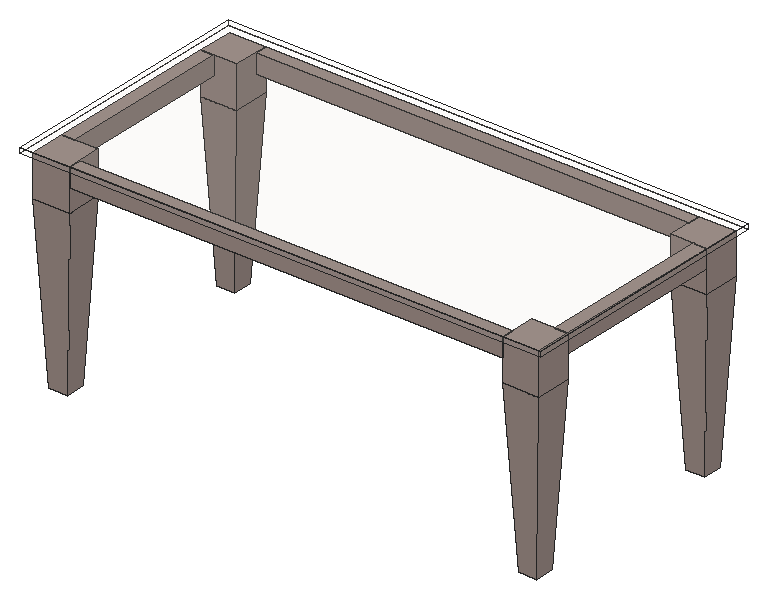
Revit family
Parameters (values of type "1800 x 900 mm")
  Width = 900 mm
  Top Material = Glass Top
  Base Material = Wood
  Length = 1800 mm
  Height = 750 mm
Reference planes
  plane 1 "Center (Front/Back)": y = 0
  plane 2: z = 0
  plane 3 "Center (Left/Right)": x = 0
  plane 4: x = -900
  plane 5: x = 900
  plane 6: y = 450
  plane 7: y = -450
  plane 8: z = 750
Forms (mm)
  Extrusion 1, solid, material "Glass Top" <- "Top Material"
    sketch origin (0, 0, 750) x (1, 0, 0) y (0, -1, 0)
      loop
        line (-900, -450) -> (900, -450) -> (900, 450) -> (-900, 450) -> (-900, -450)
    from 0 to 18
  Extrusion 2, solid, material "Wood" <- "Base Material"
    sketch origin (0, 0, 750) x (1, 0, 0) y (0, -1, 0)
      loop
        line (-875, -425) -> (-750, -425) -> (-750, -300) -> (-875, -300) -> (-875, -425)
      loop
        line (875, -425) -> (875, -300) -> (750, -300) -> (750, -425) -> (875, -425)
    from 18 to 162
  Extrusion 3, solid, material "Wood" <- "Base Material"
    sketch origin (0, 0, 750) x (1, 0, 0) y (0, -1, 0)
      loop
        line (-875, 425) -> (-875, 300) -> (-750, 300) -> (-750, 425) -> (-875, 425)
      loop
        line (875, 425) -> (750, 425) -> (750, 300) -> (875, 300) -> (875, 425)
    from 18 to 162
  Blend 4, solid, material "Wood" <- "Base Material"
    base sketch origin (0, 0, 0) x (1, 0, 0) y (0, 1, 0)
      loop
        line (-845, 395) -> (-845, 330) -> (-780, 330) -> (-780, 395) -> (-845, 395)
    top sketch origin (0, 0, 0) x (1, 0, 0) y (0, 1, 0)
      loop
        line (-875, 425) -> (-875, 300) -> (-750, 300) -> (-750, 425) -> (-875, 425)
    from 0 to 588
  Blend 5, solid, material "Wood" <- "Base Material"
    base sketch origin (0, 0, 0) x (1, 0, 0) y (0, 1, 0)
      loop
        line (845, 395) -> (780, 395) -> (780, 330) -> (845, 330) -> (845, 395)
    top sketch origin (0, 0, 0) x (1, 0, 0) y (0, 1, 0)
      loop
        line (750, 425) -> (750, 300) -> (875, 300) -> (875, 425) -> (750, 425)
    from 0 to 588
  Blend 6, solid, material "Wood" <- "Base Material"
    base sketch origin (0, 0, 750) x (1, 0, 0) y (0, 1, 0)
      loop
        line (750, -300) -> (750, -425) -> (875, -425) -> (875, -300) -> (750, -300)
    top sketch origin (0, 0, 750) x (1, 0, 0) y (0, 1, 0)
      loop
        line (845, -395) -> (845, -330) -> (780, -330) -> (780, -395) -> (845, -395)
    from -162 to -750
  Blend 7, solid, material "Wood" <- "Base Material"
    base sketch origin (0, 0, 750) x (1, 0, 0) y (0, 1, 0)
      loop
        line (-875, -300) -> (-875, -425) -> (-750, -425) -> (-750, -300) -> (-875, -300)
    top sketch origin (0, 0, 750) x (1, 0, 0) y (0, 1, 0)
      loop
        line (-845, -395) -> (-780, -395) -> (-780, -330) -> (-845, -330) -> (-845, -395)
    from -162 to -750
  Extrusion 8, solid, material "Wood" <- "Base Material"
    sketch origin (0, 0, 750) x (1, 0, 0) y (0, -1, 0)
      loop
        line (-750, -425) -> (750, -425) -> (750, -380) -> (-750, -380) -> (-750, -425)
    from 18 to 82
  Extrusion 9, solid, material "Wood" <- "Base Material"
    sketch origin (0, 0, 750) x (1, 0, 0) y (0, -1, 0)
      loop
        line (-750, 425) -> (-750, 380) -> (750, 380) -> (750, 425) -> (-750, 425)
    from 18 to 82
  Extrusion 10, solid, material "Wood" <- "Base Material"
    sketch origin (0, 0, 750) x (1, 0, 0) y (0, -1, 0)
      loop
        line (-875, 300) -> (-875, -300) -> (-830, -300) -> (-830, 300) -> (-875, 300)
    from 18 to 82
  Extrusion 11, solid, material "Wood" <- "Base Material"
    sketch origin (0, 0, 750) x (1, 0, 0) y (0, -1, 0)
      loop
        line (875, -300) -> (875, 300) -> (830, 300) -> (830, -300) -> (875, -300)
    from 18 to 82
Lines and regions (mm)
  Masking region 1
    outline origin (0, 0, 750) x (1, 0, 0) y (0, 1, 0)
      loop
        line (-900, 450) -> (-900, -450) -> (900, -450) -> (900, 450) -> (-900, 450)
  symbolic lines
    curve 1: line (-900, 450, 0) -> (900, 450, 0)
    curve 2: line (-900, -450, 0) -> (-900, 450, 0)
    curve 3: line (900, -450, 0) -> (-900, -450, 0)
    curve 4: line (900, 450, 0) -> (900, -450, 0)
    curve 5: line (-875, 425, 0) -> (-750, 425, 0)
    curve 6: line (-875, 300, 0) -> (-875, 425, 0)
    curve 7: line (-750, 300, 0) -> (-875, 300, 0)
    curve 8: line (-750, 425, 0) -> (-750, 300, 0)
    curve 9: line (750, 425, 0) -> (875, 425, 0)
    curve 10: line (750, 300, 0) -> (750, 425, 0)
    curve 11: line (875, 300, 0) -> (750, 300, 0)
    curve 12: line (875, 425, 0) -> (875, 300, 0)
    curve 13: line (750, -300, 0) -> (875, -300, 0)
    curve 14: line (750, -425, 0) -> (750, -300, 0)
    curve 15: line (875, -425, 0) -> (750, -425, 0)
    curve 16: line (875, -300, 0) -> (875, -425, 0)
    curve 17: line (-875, -300, 0) -> (-750, -300, 0)
    curve 18: line (-875, -425, 0) -> (-875, -300, 0)
    curve 19: line (-750, -425, 0) -> (-875, -425, 0)
    curve 20: line (-750, -300, 0) -> (-750, -425, 0)
    curve 21: line (-750, 425, 0) -> (750, 425, 0)
    curve 22: line (875, 300, 0) -> (875, -300, 0)
    curve 23: line (750, -425, 0) -> (-750, -425, 0)
    curve 24: line (-875, -300, 0) -> (-875, 300, 0)
Dimensions and locks
  equal spacing: plane 4, plane 3 "Center (Left/Right)", plane 5
  "Length": plane 4 to plane 5
  equal spacing: plane 7, plane 1 "Center (Front/Back)", plane 6
  "Width": plane 7 to plane 6
  "Height": level to plane 8
  aligned and locked: plane 4 to Extrusion 1 sketch curve
  aligned and locked: Extrusion 1 sketch curve to plane 6
  aligned and locked: plane 7 to Extrusion 1 sketch curve
  aligned and locked: plane 5 to Extrusion 1 sketch curve
  aligned and locked: Extrusion 1 to plane 8
  aligned and locked: Extrusion 2 to Extrusion 1
  aligned and locked: Extrusion 3 to Extrusion 1
  aligned and locked: Blend 4 sketch curve to Extrusion 2  (x3)
  aligned and locked: Extrusion 2 to Blend 4 sketch curve
  aligned and locked: Blend 4 to Extrusion 2
  aligned and locked: Blend 5 sketch curve to Extrusion 2  (x3)
  aligned and locked: Extrusion 2 to Blend 5 sketch curve
  aligned and locked: Blend 5 to Extrusion 2
  aligned and locked: Blend 6 sketch curve to Extrusion 3  (x3)
  aligned and locked: Extrusion 3 to Blend 6 sketch curve
  aligned and locked: Extrusion 2 to Blend 6
  aligned and locked: Blend 6 to level
  aligned and locked: level to Blend 5
  aligned and locked: Blend 4 to level
  aligned and locked: Blend 7 sketch curve to Extrusion 3  (x3)
  aligned and locked: Extrusion 3 to Blend 7 sketch curve
  aligned and locked: level to Blend 7
  aligned and locked: Blend 7 to Extrusion 2
  aligned and locked: Extrusion 8 sketch curve to Extrusion 2  (x2)
  aligned and locked: Extrusion 8 to Extrusion 1
  aligned and locked: Extrusion 3 to Extrusion 9 sketch curve
  aligned and locked: Extrusion 9 sketch curve to Extrusion 3
  aligned and locked: Extrusion 10 sketch curve to Extrusion 2
  aligned and locked: Extrusion 10 sketch curve to Extrusion 3
  aligned and locked: Extrusion 11 sketch curve to Extrusion 2
  aligned and locked: Extrusion 3 to Extrusion 11 sketch curve
  aligned and locked: curve 1 to Extrusion 1  (x2)
  aligned and locked: Extrusion 1 to curve 4
  aligned and locked: curve 4 to Extrusion 1
  aligned and locked: Blend 7 to Extrusion 3
  aligned and locked: Masking region 1 sketch curve to curve 1
  aligned and locked: Masking region 1 sketch curve to curve 4
  aligned and locked: Masking region 1 sketch curve to curve 3
  aligned and locked: Masking region 1 sketch curve to curve 2
Automatic sketch dimensions
  plane 4 to Extrusion 2 sketch curve = 25 mm
  Extrusion 2 sketch curve to Extrusion 2 sketch curve = 125 mm
  Extrusion 2 sketch curve to plane 5 = 150 mm
  Extrusion 2 sketch curve to plane 5 = 25 mm
  plane 6 to Extrusion 2 sketch curve = 150 mm  (x2)
  plane 6 to Extrusion 2 sketch curve = 25 mm  (x2)
  plane 4 to Extrusion 3 sketch curve = 25 mm
  Extrusion 3 sketch curve to Extrusion 3 sketch curve = 125 mm  (x3)
  Extrusion 3 sketch curve to plane 5 = 150 mm
  Extrusion 3 sketch curve to plane 5 = 25 mm
  Extrusion 3 sketch curve to plane 7 = 25 mm  (x2)
  plane 4 to Blend 4 sketch curve = 55 mm
  plane 6 to Blend 4 sketch curve = 55 mm
  Blend 4 sketch curve to Blend 4 sketch curve = 65 mm  (x2)
  plane 6 to Blend 5 sketch curve = 55 mm
  Blend 5 sketch curve to Blend 5 sketch curve = 65 mm  (x2)
  Blend 5 sketch curve to plane 5 = 55 mm
  Blend 6 sketch curve to plane 7 = 55 mm
  Blend 6 sketch curve to plane 5 = 55 mm
  Blend 6 sketch curve to Blend 6 sketch curve = 65 mm  (x2)
  Blend 7 sketch curve to plane 7 = 55 mm
  plane 4 to Blend 7 sketch curve = 55 mm
  Blend 7 sketch curve to Blend 7 sketch curve = 65 mm  (x2)
  plane 6 to Extrusion 8 sketch curve = 70 mm
  plane 6 to Extrusion 8 sketch curve = 25 mm
  Extrusion 9 sketch curve to plane 7 = 70 mm
  Extrusion 9 sketch curve to Extrusion 9 sketch curve = 45 mm
  plane 4 to Extrusion 10 sketch curve = 25 mm
  Extrusion 10 sketch curve to Extrusion 10 sketch curve = 45 mm
  Extrusion 11 sketch curve to plane 5 = 70 mm
  Extrusion 11 sketch curve to plane 5 = 25 mm
  plane 4 to curve 24 = 25 mm
  plane 6 to curve 21 = 25 mm
  curve 5 to curve 21 = 125 mm
  curve 20 to plane 7 = 25 mm
  curve 18 to curve 20 = 125 mm
  curve 10 to plane 5 = 150 mm
  curve 14 to plane 5 = 150 mm
  curve 13 to plane 5 = 25 mm
  curve 14 to curve 13 = 125 mm
  curve 19 to curve 17 = 125 mm
  curve 10 to curve 9 = 125 mm
  curve 7 to curve 5 = 125 mm
